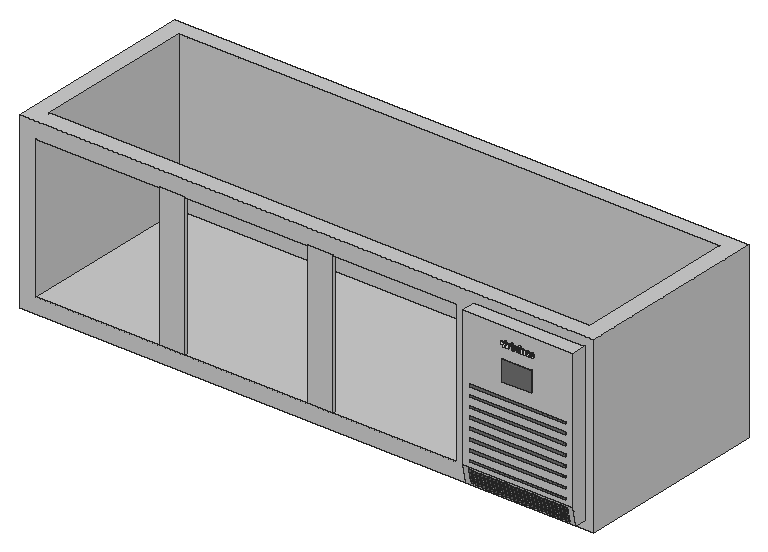
Revit family "QF_INFRICO_MR2190BT_250813023332", category Specialty Equipment, Revit 2021
Family settings
  Round Connector Dimension = Use Diameter
  Part Type = Normal
  OmniClass Number = 23.40.40.14
  OmniClass Title = Food Service Equipment
  Work Plane-Based = No
  Always vertical = Yes
  Cut with Voids When Loaded = No
  Shared = No
  Room Calculation Point = No
Parameters (values of type "MR2190BT")
  Weight [instance] = 203.001 kg
  Waste Water Discharge Temperature [instance] = 0 °C
  Waste Remarks [instance] = ""
  Warranty Start Date [instance] = ""
  Warranty Duration [instance] = ""
  Volts [instance] = 230 V
  Volt Free Conn [instance] = no
  URL Recommended Spares List [instance] = ""
  URL Manufacturer [instance] = ""
  URL Cutsheet [instance] = ""
  URL Critical Spares List [instance] = ""
  URL = "www.infrico.com"
  Technical Documentation [instance] = ""
  Tag Number [instance] = ""
  Status [instance] = ""
  Start Up Current [instance] = 0 A
  Specification by User [instance] = ""
  Specification by Manufacturer [instance] = ""
  Sound Level [instance] = ""
  Show Logo [instance] = yes
  Show Clearances [instance] = yes
  Service Life Duration [instance] = ""
  Serial Number [instance] = ""
  Seismic Rating [instance] = ""
  SMACNA No [instance] = ""
  Revision Code [instance] = ""
  Revision [instance] = ""
  Production Year [instance] = ""
  Potential Equalisation [instance] = no
  Point Load [instance] = 0
  Plumbing Connection Type [instance] = ""
  Phase [instance] = 1
  Other Equipment Approvals [instance] = ""
  Operational Current [instance] = 0 A
  Number of Poles [instance] = 2
  No Load Power Draw [instance] = no
  NAFEM Spec ID Number [instance] = ""
  Model Warning [instance] = ""
  Model = "MR2190BT"
  Min Ckt Ampacity [instance] = 0 A
  Max Overcurrent Protection [instance] = 0 A
  Masterspec [instance] = ""
  Manufacturer = "INFRICO"
  Main switch integrated [instance] = no
  Length Actual [instance] = 2184.908 mm
  Item Number [instance] = ""
  Installed By [instance] = ""
  Installation Date [instance] = ""
  Indirect Waste Size [instance] = 19.05 mm
  Indirect Waste Remarks [instance] = ""
  Indirect Waste Flow [instance] = 0.0 L/s
  Indirect Waste Connection Type [instance] = ""
  Indirect Waste Connection Height [instance] = 0 mm
  Identify Quantity as Lot [instance] = no
  ID [instance] = ""
  Hygiene Approval [instance] = ""
  Height Actual [instance] = 849.884 mm
  HP power [instance] = ""
  Furnished By [instance] = ""
  Foodservice Equipment Identifier [instance] = no
  FL Amps [instance] = 0 A
  Electrical Remarks [instance] = ""
  Electric power [instance] = 690 W
  Electric Connection Type [instance] = ""
  Elec Conn RI Height [instance] = 0 mm
  Elec Conn Connection Height [instance] = 0 mm
  ETL Approved [instance] = no
  Direct Waste Water Discharge Temperature [instance] = -273.15 °C
  Direct Waste Size [instance] = 19.05 mm
  Direct Waste RI Height [instance] = 0 mm
  Direct Waste Flow [instance] = 0.0 L/s
  Direct Waste Connection Height [instance] = 0 mm
  Description = "EURONORM 600X400 PASTRY COUNTER REFRIGERATOR AND FREEZER 800 SERIES - R134A"
  Depth Actual [instance] = 800.1 mm
  Default Elevation = 0 mm
  Cycle [instance] = 50 Hz
  Cost = 0
  Connection to energy optimisation system [instance] = yes
  Conn Plug [instance] = ""
  Conn Conduit [instance] = no
  Centralized building control system with digital interface [instance] = ""
  CSI MasterFormat [instance] = ""
  CE Approved [instance] = no
  Barcode [instance] = 0
  Author [instance] = ""
  Asset Identifier [instance] = ""
  Apparent Power [instance] = 690 VA
  Accessory [instance] = no
Reference planes
  plane 1 "Center (Front/Back)": y = 0
  plane 2: z = 0
  plane 3 "Center (Left/Right)": x = 0
Forms (mm)
  Extrusion 1, solid, not visible
    sketch origin (898.044, -113.006, 2) x (1, 0, 0) y (0, 1, 0)
      loop
        line (-2, 2) -> (-2, -2) -> (2, -2) -> (2, 2) -> (-2, 2)
    from -2 to 2
  Extrusion 2, solid, not visible
    sketch origin (2123.104, -60.003, 2) x (1, 0, 0) y (0, 1, 0)
      loop
        line (-2, 2) -> (-2, -2) -> (2, -2) -> (2, 2) -> (-2, 2)
    from -2 to 2
Dimensions and locks
  locked: nested 2 to Extrusion 1 at 2  (x2)
  locked: nested 3 to Extrusion 2 at 2  (x2)
  aligned and locked: level to plane 2
Nested families
  nested 1: "QF_INFRICO_MR2190_2920" at (0, 0, 0), type "MR2190BT"
    with Weight 203.001 kg, Warranty Start Date "", Warranty Duration "", URL Cutsheet "", Technical Documentation "", Tag Number "", Status "", Specification by User "", Specification by Manufacturer "", Sound Level "", Solid Fuel Type "", Show Logo yes, Show Clearances yes, Show Clearance yes, Service Life Duration "", Serial Number "", Seismic Rating "", SMACNA No "", Revision Code "", Revision "", Production Year "", Point Load 0, Other Equipment Approvals "", NAFEM Spec ID Number "", Model Warning "", Masterspec "", Length Actual 2184.908 mm, Item Number "", Installed By "", Installation Date "", Identify Quantity as Lot yes, ID "", Hygiene Approval "", Height Actual 849.884 mm, Furnished By "", Foodservice Equipment Identifier yes, ETL Approved yes, Depth Actual 800.1 mm, CSI MasterFormat "", CE Approved no, Barcode "", Author "", Asset Identifier "", Accessory no
  nested 2: "CONN_POINT_DRAIN_2D___Generic_Annotation" at (898.044, -113.006, 0), type "CONN_POINT_DRAIN_2D___Generic_Annotation"
    with Onboard connection annotation symbol visibility yes
  nested 3: "CONN_POINT_ELE_2D___Generic_Annotation" at (2123.104, -60.003, 0), type "CONN_POINT_ELE_2D___Generic_Annotation"
    with Onboard connection annotation symbol visibility yes
Connectors
  piping at (898.044, -113.006, 0), diameter 19.05, driven by "Indirect Waste Size", driven by "Direct Waste Flow"
    settings: on Extrusion 1, index 1, connector inside diameter 609.6 mm, connector length 0 mm, flow factor 0, pipe flow 0.0 L/s, pressure drop 0.0 Pa, fitting loss kfactor 0, connector angle 0.00°, fixture units 0, engagement length 0 mm, angle of deflection 0.00°, flow configuration 1, flow direction 2, fitting loss method 0, system type 16, joint type 0, gender type 0, connector reference index -1, connector utility 0, adjustable connector no, is connector primary yes, connector description "Waste connection for MR2190BT"
  electrical at (2123.104, -60.003, 0), driven by "Apparent Power", driven by "Number of Poles", driven by "Volts"
    settings: on Extrusion 2, index 2, voltage 230 V, apparent load 0 VA, apparent load phase1 690 VA, apparent load phase2 0 VA, apparent load phase3 0 VA, power factor 1, load classification "Other", number of poles 2, system type 31, power factor state 1, is connector primary yes, connector utility no, sub classification motor no, connector description "Electrical connection for MR2190BT"
Definition of nested family "QF_INFRICO_MR2190_2920"
  Parameters (values of type "MR2190BT")
    Weight [instance] = 0.00 kg
    Warranty Start Date [instance] = ""
    Warranty Duration [instance] = ""
    URL Cutsheet [instance] = ""
    URL = "www.infrico.com"
    Technical Documentation [instance] = ""
    Tag Number [instance] = ""
    Status [instance] = ""
    Specification by User [instance] = ""
    Specification by Manufacturer [instance] = ""
    Sound Level [instance] = ""
    Solid Fuel Type [instance] = ""
    Show Logo [instance] = yes
    Show Clearances [instance] = yes
    Show Clearance [instance] = yes
    Service Life Duration [instance] = ""
    Serial Number [instance] = ""
    Seismic Rating [instance] = ""
    SMACNA No [instance] = ""
    Revision Code [instance] = ""
    Revision [instance] = ""
    Production Year [instance] = ""
    Point Load [instance] = 0
    Other Equipment Approvals [instance] = ""
    NAFEM Spec ID Number [instance] = ""
    Model Warning [instance] = ""
    Model = "MR2190BT"
    Masterspec [instance] = ""
    Manufacturer = "INFRICO"
    Length Actual [instance] = 0 mm
    Item Number [instance] = ""
    Installed By [instance] = ""
    Installation Date [instance] = ""
    Identify Quantity as Lot [instance] = yes
    ID [instance] = ""
    Hygiene Approval [instance] = ""
    Height Actual [instance] = 0 mm
    Furnished By [instance] = ""
    Foodservice Equipment Identifier [instance] = yes
    ETL Approved [instance] = yes
    Description = "EURONORM 600X400 PASTRY COUNTER REFRIGERATOR AND FREEZER 800 SERIES - R134A"
    Depth Actual [instance] = 0 mm
    Default Elevation = 0 mm
    CSI MasterFormat [instance] = ""
    CE Approved [instance] = yes
    Barcode [instance] = ""
    Author [instance] = ""
    Asset Identifier [instance] = ""
    Assembly Code = "E1090320"
    Accessory [instance] = yes
  Types (4, lengths in mm): name | Model | Description
    MR2190 | "MR2190" | "EURONORM 600X400 PASTRY COUNTER REFRIGERATOR AND FREEZER 800 SERIES - R134A"
    MR2190BT | "MR2190BT" | "EURONORM 600X400 PASTRY COUNTER REFRIGERATOR AND FREEZER 800 SERIES - R134A"
    MR2190CR | "MR2190CR" | "GLASS DOOR EURONORM 600X400 PASTRY COUNTER REFRIGERATOR SERIES - R134A"
    MR2190-R290 | "MR2190" | "EURONORM 600X400 PASTRY COUNTER REFRIGERATOR AND FREEZER 800 SERIES - R290"
  Reference planes
    plane 1 "Back": y = 0
    plane 2: z = 0
    plane 3 "Left": x = 0
    plane 4 "Right": x = 2185
    plane 5 "Front": y = -800
    plane 6 "Top": z = 660
  Forms (mm)
    Extrusion 1, solid
      sketch origin (717, -100, -140) x (0, 1, 0) y (0, 0, 1)
        loop
          line (-638.02, 765.292) -> (-695.03, 765.292) -> (-695.03, 238.436) -> (-678.769, 168) -> (-638.02, 168) -> (-638.02, 765.292)
      from 1013.993 to 1433.993
    Extrusion 2, solid
      sketch origin (-1283, -793.13, -140) x (1, 0, 0) y (0, 0, 1)
        loop
          line (3408.016, 523.949) -> (3040.73, 523.949) -> (3040.73, 514.949) -> (3408.016, 514.949) -> (3408.016, 523.949)
        loop
          line (3408.016, 486.949) -> (3040.73, 486.949) -> (3040.73, 477.949) -> (3408.016, 477.949) -> (3408.016, 486.949)
        loop
          line (3408.016, 449.949) -> (3040.73, 449.949) -> (3040.73, 440.949) -> (3408.016, 440.949) -> (3408.016, 449.949)
        loop
          line (3408.016, 412.949) -> (3040.73, 412.949) -> (3040.73, 403.949) -> (3408.016, 403.949) -> (3408.016, 412.949)
        loop
          line (3408.016, 375.949) -> (3040.73, 375.949) -> (3040.73, 366.949) -> (3408.016, 366.949) -> (3408.016, 375.949)
        loop
          line (3408.016, 338.949) -> (3040.73, 338.949) -> (3040.73, 329.949) -> (3408.016, 329.949) -> (3408.016, 338.949)
        loop
          line (3408.016, 301.949) -> (3040.73, 301.949) -> (3040.73, 292.949) -> (3408.016, 292.949) -> (3408.016, 301.949)
        loop
          line (3408.016, 264.949) -> (3040.73, 264.949) -> (3040.73, 255.949) -> (3408.016, 255.949) -> (3408.016, 264.949)
      from 0 to 2
    Extrusion 3, solid
      sketch origin (-1283, -739.263, -134.673) x (1, 0, 0) y (0, -0.224951, 0.97437)
        loop
          line (3036.73, 215.974) -> (3036.73, 205.974) -> (3046.73, 205.974) -> (3046.73, 215.974) -> (3036.73, 215.974)
        loop
          line (3036.73, 230.769) -> (3036.73, 220.769) -> (3046.73, 220.769) -> (3046.73, 230.769) -> (3036.73, 230.769)
        loop
          line (3036.73, 186.385) -> (3036.73, 176.385) -> (3046.73, 176.385) -> (3046.73, 186.385) -> (3036.73, 186.385)
        loop
          line (3036.73, 201.179) -> (3036.73, 191.179) -> (3046.73, 191.179) -> (3046.73, 201.179) -> (3036.73, 201.179)
        loop
          line (3051.938, 215.974) -> (3051.938, 205.974) -> (3061.938, 205.974) -> (3061.938, 215.974) -> (3051.938, 215.974)
        loop
          line (3051.938, 230.769) -> (3051.938, 220.769) -> (3061.938, 220.769) -> (3061.938, 230.769) -> (3051.938, 230.769)
        loop
          line (3051.938, 186.385) -> (3051.938, 176.385) -> (3061.938, 176.385) -> (3061.938, 186.385) -> (3051.938, 186.385)
        loop
          line (3051.938, 201.179) -> (3051.938, 191.179) -> (3061.938, 191.179) -> (3061.938, 201.179) -> (3051.938, 201.179)
        loop
          line (3067.147, 215.974) -> (3067.147, 205.974) -> (3077.147, 205.974) -> (3077.147, 215.974) -> (3067.147, 215.974)
        loop
          line (3067.147, 230.769) -> (3067.147, 220.769) -> (3077.147, 220.769) -> (3077.147, 230.769) -> (3067.147, 230.769)
        loop
          line (3067.147, 186.385) -> (3067.147, 176.385) -> (3077.147, 176.385) -> (3077.147, 186.385) -> (3067.147, 186.385)
        loop
          line (3067.147, 201.179) -> (3067.147, 191.179) -> (3077.147, 191.179) -> (3077.147, 201.179) -> (3067.147, 201.179)
        loop
          line (3082.355, 215.974) -> (3082.355, 205.974) -> (3092.355, 205.974) -> (3092.355, 215.974) -> (3082.355, 215.974)
        loop
          line (3082.355, 230.769) -> (3082.355, 220.769) -> (3092.355, 220.769) -> (3092.355, 230.769) -> (3082.355, 230.769)
        loop
          line (3082.355, 186.385) -> (3082.355, 176.385) -> (3092.355, 176.385) -> (3092.355, 186.385) -> (3082.355, 186.385)
        loop
          line (3082.355, 201.179) -> (3082.355, 191.179) -> (3092.355, 191.179) -> (3092.355, 201.179) -> (3082.355, 201.179)
        loop
          line (3097.563, 215.974) -> (3097.563, 205.974) -> (3107.563, 205.974) -> (3107.563, 215.974) -> (3097.563, 215.974)
        loop
          line (3097.563, 230.769) -> (3097.563, 220.769) -> (3107.563, 220.769) -> (3107.563, 230.769) -> (3097.563, 230.769)
        loop
          line (3097.563, 186.385) -> (3097.563, 176.385) -> (3107.563, 176.385) -> (3107.563, 186.385) -> (3097.563, 186.385)
        loop
          line (3097.563, 201.179) -> (3097.563, 191.179) -> (3107.563, 191.179) -> (3107.563, 201.179) -> (3097.563, 201.179)
        loop
          line (3112.772, 215.974) -> (3112.772, 205.974) -> (3122.772, 205.974) -> (3122.772, 215.974) -> (3112.772, 215.974)
        loop
          line (3112.772, 230.769) -> (3112.772, 220.769) -> (3122.772, 220.769) -> (3122.772, 230.769) -> (3112.772, 230.769)
        loop
          line (3112.772, 186.385) -> (3112.772, 176.385) -> (3122.772, 176.385) -> (3122.772, 186.385) -> (3112.772, 186.385)
        loop
          line (3112.772, 201.179) -> (3112.772, 191.179) -> (3122.772, 191.179) -> (3122.772, 201.179) -> (3112.772, 201.179)
        loop
          line (3127.98, 215.974) -> (3127.98, 205.974) -> (3137.98, 205.974) -> (3137.98, 215.974) -> (3127.98, 215.974)
        loop
          line (3127.98, 230.769) -> (3127.98, 220.769) -> (3137.98, 220.769) -> (3137.98, 230.769) -> (3127.98, 230.769)
        loop
          line (3127.98, 186.385) -> (3127.98, 176.385) -> (3137.98, 176.385) -> (3137.98, 186.385) -> (3127.98, 186.385)
        loop
          line (3127.98, 201.179) -> (3127.98, 191.179) -> (3137.98, 191.179) -> (3137.98, 201.179) -> (3127.98, 201.179)
        loop
          line (3143.188, 215.974) -> (3143.188, 205.974) -> (3153.188, 205.974) -> (3153.188, 215.974) -> (3143.188, 215.974)
        loop
          line (3143.188, 230.769) -> (3143.188, 220.769) -> (3153.188, 220.769) -> (3153.188, 230.769) -> (3143.188, 230.769)
        loop
          line (3143.188, 186.385) -> (3143.188, 176.385) -> (3153.188, 176.385) -> (3153.188, 186.385) -> (3143.188, 186.385)
        loop
          line (3143.188, 201.179) -> (3143.188, 191.179) -> (3153.188, 191.179) -> (3153.188, 201.179) -> (3143.188, 201.179)
        loop
          line (3158.397, 215.974) -> (3158.397, 205.974) -> (3168.397, 205.974) -> (3168.397, 215.974) -> (3158.397, 215.974)
        loop
          line (3158.397, 230.769) -> (3158.397, 220.769) -> (3168.397, 220.769) -> (3168.397, 230.769) -> (3158.397, 230.769)
        loop
          line (3158.397, 186.385) -> (3158.397, 176.385) -> (3168.397, 176.385) -> (3168.397, 186.385) -> (3158.397, 186.385)
        loop
          line (3158.397, 201.179) -> (3158.397, 191.179) -> (3168.397, 191.179) -> (3168.397, 201.179) -> (3158.397, 201.179)
        loop
          line (3173.605, 215.974) -> (3173.605, 205.974) -> (3183.605, 205.974) -> (3183.605, 215.974) -> (3173.605, 215.974)
        loop
          line (3173.605, 230.769) -> (3173.605, 220.769) -> (3183.605, 220.769) -> (3183.605, 230.769) -> (3173.605, 230.769)
        loop
          line (3173.605, 186.385) -> (3173.605, 176.385) -> (3183.605, 176.385) -> (3183.605, 186.385) -> (3173.605, 186.385)
        loop
          line (3173.605, 201.179) -> (3173.605, 191.179) -> (3183.605, 191.179) -> (3183.605, 201.179) -> (3173.605, 201.179)
        loop
          line (3188.813, 215.974) -> (3188.813, 205.974) -> (3198.813, 205.974) -> (3198.813, 215.974) -> (3188.813, 215.974)
        loop
          line (3188.813, 230.769) -> (3188.813, 220.769) -> (3198.813, 220.769) -> (3198.813, 230.769) -> (3188.813, 230.769)
        loop
          line (3188.813, 186.385) -> (3188.813, 176.385) -> (3198.813, 176.385) -> (3198.813, 186.385) -> (3188.813, 186.385)
        loop
          line (3188.813, 201.179) -> (3188.813, 191.179) -> (3198.813, 191.179) -> (3198.813, 201.179) -> (3188.813, 201.179)
        loop
          line (3204.022, 215.974) -> (3204.022, 205.974) -> (3214.022, 205.974) -> (3214.022, 215.974) -> (3204.022, 215.974)
        loop
          line (3204.022, 230.769) -> (3204.022, 220.769) -> (3214.022, 220.769) -> (3214.022, 230.769) -> (3204.022, 230.769)
        loop
          line (3204.022, 186.385) -> (3204.022, 176.385) -> (3214.022, 176.385) -> (3214.022, 186.385) -> (3204.022, 186.385)
        loop
          line (3204.022, 201.179) -> (3204.022, 191.179) -> (3214.022, 191.179) -> (3214.022, 201.179) -> (3204.022, 201.179)
        loop
          line (3219.23, 215.974) -> (3219.23, 205.974) -> (3229.23, 205.974) -> (3229.23, 215.974) -> (3219.23, 215.974)
        loop
          line (3219.23, 230.769) -> (3219.23, 220.769) -> (3229.23, 220.769) -> (3229.23, 230.769) -> (3219.23, 230.769)
        loop
          line (3219.23, 186.385) -> (3219.23, 176.385) -> (3229.23, 176.385) -> (3229.23, 186.385) -> (3219.23, 186.385)
        loop
          line (3219.23, 201.179) -> (3219.23, 191.179) -> (3229.23, 191.179) -> (3229.23, 201.179) -> (3219.23, 201.179)
        loop
          line (3234.438, 215.974) -> (3234.438, 205.974) -> (3244.438, 205.974) -> (3244.438, 215.974) -> (3234.438, 215.974)
        loop
          line (3234.438, 230.769) -> (3234.438, 220.769) -> (3244.438, 220.769) -> (3244.438, 230.769) -> (3234.438, 230.769)
        loop
          line (3234.438, 186.385) -> (3234.438, 176.385) -> (3244.438, 176.385) -> (3244.438, 186.385) -> (3234.438, 186.385)
        loop
          line (3234.438, 201.179) -> (3234.438, 191.179) -> (3244.438, 191.179) -> (3244.438, 201.179) -> (3234.438, 201.179)
        loop
          line (3249.647, 215.974) -> (3249.647, 205.974) -> (3259.647, 205.974) -> (3259.647, 215.974) -> (3249.647, 215.974)
        loop
          line (3249.647, 230.769) -> (3249.647, 220.769) -> (3259.647, 220.769) -> (3259.647, 230.769) -> (3249.647, 230.769)
        loop
          line (3249.647, 186.385) -> (3249.647, 176.385) -> (3259.647, 176.385) -> (3259.647, 186.385) -> (3249.647, 186.385)
        loop
          line (3249.647, 201.179) -> (3249.647, 191.179) -> (3259.647, 191.179) -> (3259.647, 201.179) -> (3249.647, 201.179)
        loop
          line (3264.855, 215.974) -> (3264.855, 205.974) -> (3274.855, 205.974) -> (3274.855, 215.974) -> (3264.855, 215.974)
        loop
          line (3264.855, 230.769) -> (3264.855, 220.769) -> (3274.855, 220.769) -> (3274.855, 230.769) -> (3264.855, 230.769)
        loop
          line (3264.855, 186.385) -> (3264.855, 176.385) -> (3274.855, 176.385) -> (3274.855, 186.385) -> (3264.855, 186.385)
        loop
          line (3264.855, 201.179) -> (3264.855, 191.179) -> (3274.855, 191.179) -> (3274.855, 201.179) -> (3264.855, 201.179)
        loop
          line (3280.063, 215.974) -> (3280.063, 205.974) -> (3290.063, 205.974) -> (3290.063, 215.974) -> (3280.063, 215.974)
        loop
          line (3280.063, 230.769) -> (3280.063, 220.769) -> (3290.063, 220.769) -> (3290.063, 230.769) -> (3280.063, 230.769)
        loop
          line (3280.063, 186.385) -> (3280.063, 176.385) -> (3290.063, 176.385) -> (3290.063, 186.385) -> (3280.063, 186.385)
        loop
          line (3280.063, 201.179) -> (3280.063, 191.179) -> (3290.063, 191.179) -> (3290.063, 201.179) -> (3280.063, 201.179)
        loop
          line (3295.272, 215.974) -> (3295.272, 205.974) -> (3305.272, 205.974) -> (3305.272, 215.974) -> (3295.272, 215.974)
        loop
          line (3295.272, 230.769) -> (3295.272, 220.769) -> (3305.272, 220.769) -> (3305.272, 230.769) -> (3295.272, 230.769)
        loop
          line (3295.272, 186.385) -> (3295.272, 176.385) -> (3305.272, 176.385) -> (3305.272, 186.385) -> (3295.272, 186.385)
        loop
          line (3295.272, 201.179) -> (3295.272, 191.179) -> (3305.272, 191.179) -> (3305.272, 201.179) -> (3295.272, 201.179)
        loop
          line (3310.48, 215.974) -> (3310.48, 205.974) -> (3320.48, 205.974) -> (3320.48, 215.974) -> (3310.48, 215.974)
        loop
          line (3310.48, 230.769) -> (3310.48, 220.769) -> (3320.48, 220.769) -> (3320.48, 230.769) -> (3310.48, 230.769)
        loop
          line (3310.48, 186.385) -> (3310.48, 176.385) -> (3320.48, 176.385) -> (3320.48, 186.385) -> (3310.48, 186.385)
        loop
          line (3310.48, 201.179) -> (3310.48, 191.179) -> (3320.48, 191.179) -> (3320.48, 201.179) -> (3310.48, 201.179)
        loop
          line (3325.688, 215.974) -> (3325.688, 205.974) -> (3335.688, 205.974) -> (3335.688, 215.974) -> (3325.688, 215.974)
        loop
          line (3325.688, 230.769) -> (3325.688, 220.769) -> (3335.688, 220.769) -> (3335.688, 230.769) -> (3325.688, 230.769)
        loop
          line (3325.688, 186.385) -> (3325.688, 176.385) -> (3335.688, 176.385) -> (3335.688, 186.385) -> (3325.688, 186.385)
        loop
          line (3325.688, 201.179) -> (3325.688, 191.179) -> (3335.688, 191.179) -> (3335.688, 201.179) -> (3325.688, 201.179)
        loop
          line (3340.897, 215.974) -> (3340.897, 205.974) -> (3350.897, 205.974) -> (3350.897, 215.974) -> (3340.897, 215.974)
        loop
          line (3340.897, 230.769) -> (3340.897, 220.769) -> (3350.897, 220.769) -> (3350.897, 230.769) -> (3340.897, 230.769)
        loop
          line (3340.897, 186.385) -> (3340.897, 176.385) -> (3350.897, 176.385) -> (3350.897, 186.385) -> (3340.897, 186.385)
        loop
          line (3340.897, 201.179) -> (3340.897, 191.179) -> (3350.897, 191.179) -> (3350.897, 201.179) -> (3340.897, 201.179)
        loop
          line (3356.105, 215.974) -> (3356.105, 205.974) -> (3366.105, 205.974) -> (3366.105, 215.974) -> (3356.105, 215.974)
        loop
          line (3356.105, 230.769) -> (3356.105, 220.769) -> (3366.105, 220.769) -> (3366.105, 230.769) -> (3356.105, 230.769)
        loop
          line (3356.105, 186.385) -> (3356.105, 176.385) -> (3366.105, 176.385) -> (3366.105, 186.385) -> (3356.105, 186.385)
        loop
          line (3356.105, 201.179) -> (3356.105, 191.179) -> (3366.105, 191.179) -> (3366.105, 201.179) -> (3356.105, 201.179)
        loop
          line (3371.313, 215.974) -> (3371.313, 205.974) -> (3381.313, 205.974) -> (3381.313, 215.974) -> (3371.313, 215.974)
        loop
          line (3371.313, 230.769) -> (3371.313, 220.769) -> (3381.313, 220.769) -> (3381.313, 230.769) -> (3371.313, 230.769)
        loop
          line (3371.313, 186.385) -> (3371.313, 176.385) -> (3381.313, 176.385) -> (3381.313, 186.385) -> (3371.313, 186.385)
        loop
          line (3371.313, 201.179) -> (3371.313, 191.179) -> (3381.313, 191.179) -> (3381.313, 201.179) -> (3371.313, 201.179)
        loop
          line (3386.522, 215.974) -> (3386.522, 205.974) -> (3396.522, 205.974) -> (3396.522, 215.974) -> (3386.522, 215.974)
        loop
          line (3386.522, 230.769) -> (3386.522, 220.769) -> (3396.522, 220.769) -> (3396.522, 230.769) -> (3386.522, 230.769)
        loop
          line (3386.522, 186.385) -> (3386.522, 176.385) -> (3396.522, 176.385) -> (3396.522, 186.385) -> (3386.522, 186.385)
        loop
          line (3386.522, 201.179) -> (3386.522, 191.179) -> (3396.522, 191.179) -> (3396.522, 201.179) -> (3386.522, 201.179)
        loop
          line (3401.73, 215.974) -> (3401.73, 205.974) -> (3411.73, 205.974) -> (3411.73, 215.974) -> (3401.73, 215.974)
        loop
          line (3401.73, 230.769) -> (3401.73, 220.769) -> (3411.73, 220.769) -> (3411.73, 230.769) -> (3401.73, 230.769)
        loop
          line (3401.73, 186.385) -> (3401.73, 176.385) -> (3411.73, 176.385) -> (3411.73, 186.385) -> (3401.73, 186.385)
        loop
          line (3401.73, 201.179) -> (3401.73, 191.179) -> (3411.73, 191.179) -> (3411.73, 201.179) -> (3401.73, 201.179)
      from 0 to 2
    Extrusion 4, solid, visible <- "Show Logo"
      sketch origin (716.014, -793.13, -140) x (1, 0, 0) y (0, 0, 1)
        loop
          line (1208.799, 696.53) -> (1208.799, 719.204) -> (1204.173, 719.204) -> (1204.173, 696.53) -> (1208.799, 696.53)
        loop
          line (1214.779, 713.006) -> (1211.283, 713.006) -> (1211.283, 696.53) -> (1215.772, 696.53) -> (1215.772, 707.832)
          arc (1215.772, 707.832) -> (1217.528, 708.741) -> (1219.417, 709.324) r 11.052
          arc (1219.417, 709.324) -> (1220.929, 708.961) -> (1221.598, 707.557) r 1.806
          line (1221.598, 707.557) -> (1221.598, 696.53) -> (1226.121, 696.53) -> (1226.121, 708.689)
          arc (1226.121, 708.689) -> (1224.637, 712.075) -> (1221.141, 713.281) r 4.607
          arc (1221.141, 713.281) -> (1218.282, 712.674) -> (1215.669, 711.361) r 11.435
          line (1215.669, 711.361) -> (1215.601, 712.184)
          arc (1215.601, 712.184) -> (1215.36, 712.765) -> (1214.779, 713.006) r 0.822
        loop
          line (1238.557, 720.102) -> (1237.306, 720.102)
          arc (1237.306, 720.102) -> (1235.052, 719.926) -> (1232.881, 719.297) r 11.103
          arc (1232.881, 719.297) -> (1230.805, 717.616) -> (1230.024, 715.062) r 4.567
          line (1230.024, 715.062) -> (1230.024, 712.909) -> (1227.351, 712.703) -> (1227.351, 709.374) -> (1230.024, 709.374) -> (1230.024, 696.53) -> (1234.547, 696.53) -> (1234.547, 709.374) -> (1238.249, 709.374) -> (1238.249, 712.938) -> (1234.547, 712.938) -> (1234.547, 714.548)
          arc (1234.547, 714.548) -> (1234.956, 715.705) -> (1236.045, 716.271) r 1.67
          line (1236.045, 716.271) -> (1237.7, 716.399)
          arc (1237.7, 716.399) -> (1238.306, 716.65) -> (1238.557, 717.255) r 0.857
          line (1238.557, 717.255) -> (1238.557, 720.102)
        loop
          line (1239.479, 713.006) -> (1239.479, 696.53) -> (1243.968, 696.53) -> (1243.968, 707.352)
          arc (1243.968, 707.352) -> (1245.873, 708.631) -> (1248.077, 709.268) r 7.435
          line (1248.077, 709.268) -> (1249.241, 709.416)
          arc (1249.241, 709.416) -> (1249.643, 709.758) -> (1249.793, 710.265) r 0.928
          line (1249.793, 710.265) -> (1249.793, 712.458)
          arc (1249.793, 712.458) -> (1249.531, 713.061) -> (1248.912, 713.28) r 0.824
          arc (1248.912, 713.28) -> (1246.197, 712.588) -> (1243.899, 710.984) r 7.833
          line (1243.899, 710.984) -> (1243.726, 713.006) -> (1239.479, 713.006)
        loop
          line (1255.495, 696.53) -> (1255.495, 713.006) -> (1251.006, 713.006) -> (1251.006, 696.53) -> (1255.495, 696.53)
        loop
          arc (1257.421, 701.327) -> (1258.567, 698.188) -> (1261.466, 696.525) r 4.873
          arc (1261.466, 696.525) -> (1264.493, 696.266) -> (1267.521, 696.525) r 17.816
          arc (1267.521, 696.525) -> (1270.575, 699.134) -> (1271.505, 703.041) r 6.481
          line (1271.505, 703.041) -> (1267.187, 703.041) -> (1267.187, 701.67)
          arc (1267.187, 701.67) -> (1266.64, 700.452) -> (1265.442, 699.865) r 1.965
          arc (1265.442, 699.865) -> (1264.547, 699.816) -> (1263.653, 699.865) r 8.196
          arc (1263.653, 699.865) -> (1262.417, 700.415) -> (1261.91, 701.67) r 1.806
          line (1261.91, 701.67) -> (1261.91, 707.9)
          arc (1261.91, 707.9) -> (1262.417, 709.155) -> (1263.653, 709.705) r 1.806
          arc (1263.653, 709.705) -> (1264.547, 709.754) -> (1265.442, 709.705) r 8.196
          arc (1265.442, 709.705) -> (1266.64, 709.118) -> (1267.187, 707.9) r 1.965
          line (1267.187, 707.9) -> (1267.187, 706.838) -> (1271.505, 706.838)
          arc (1271.505, 706.838) -> (1270.524, 710.556) -> (1267.521, 712.959) r 6.132
          arc (1267.521, 712.959) -> (1264.493, 713.294) -> (1261.466, 712.959) r 13.851
          arc (1261.466, 712.959) -> (1258.571, 711.349) -> (1257.421, 708.243) r 4.772
          line (1257.421, 708.243) -> (1257.421, 701.327)
        loop
          arc (1272.916, 701.329) -> (1273.993, 698.345) -> (1276.726, 696.734) r 4.676
          arc (1276.726, 696.734) -> (1278.515, 696.455) -> (1280.318, 696.291) r 28.371
          arc (1280.318, 696.291) -> (1282.122, 696.455) -> (1283.911, 696.734) r 28.371
          arc (1283.911, 696.734) -> (1286.644, 698.345) -> (1287.72, 701.329) r 4.676
          line (1287.72, 701.329) -> (1287.72, 708.242)
          arc (1287.72, 708.242) -> (1286.644, 711.226) -> (1283.911, 712.837) r 4.676
          arc (1283.911, 712.837) -> (1282.122, 713.116) -> (1280.318, 713.28) r 28.371
          arc (1280.318, 713.28) -> (1278.515, 713.116) -> (1276.726, 712.837) r 28.371
          arc (1276.726, 712.837) -> (1273.993, 711.226) -> (1272.916, 708.242) r 4.676
          line (1272.916, 708.242) -> (1272.916, 701.329)
        loop
          line (1277.405, 707.866) -> (1277.405, 701.705)
          arc (1277.405, 701.705) -> (1277.844, 700.556) -> (1278.936, 699.991) r 1.725
          arc (1278.936, 699.991) -> (1279.627, 699.918) -> (1280.318, 699.856) r 46.133
          arc (1280.318, 699.856) -> (1281.01, 699.918) -> (1281.701, 699.991) r 46.133
          arc (1281.701, 699.991) -> (1282.793, 700.556) -> (1283.231, 701.705) r 1.725
          line (1283.231, 701.705) -> (1283.231, 707.866)
          arc (1283.231, 707.866) -> (1282.793, 709.015) -> (1281.701, 709.58) r 1.725
          arc (1281.701, 709.58) -> (1281.01, 709.653) -> (1280.318, 709.716) r 46.133
          arc (1280.318, 709.716) -> (1279.627, 709.653) -> (1278.936, 709.58) r 46.133
          arc (1278.936, 709.58) -> (1277.844, 709.015) -> (1277.405, 707.866) r 1.725
        loop
          arc (1190.339, 696.543) -> (1191.411, 696.987) -> (1191.856, 698.059) r 1.516
          line (1191.856, 698.059) -> (1191.856, 703.891) -> (1196.035, 703.891)
          arc (1196.035, 703.891) -> (1196.79, 704.121) -> (1197.218, 704.782) r 1.147
          line (1197.218, 704.782) -> (1197.218, 706.211)
          arc (1197.218, 706.211) -> (1196.787, 707.258) -> (1195.719, 707.634) r 1.385
          line (1195.719, 707.634) -> (1194.52, 707.634) -> (1197.218, 710.332)
          arc (1197.218, 710.332) -> (1197.605, 711.266) -> (1197.218, 712.2) r 1.321
          line (1197.218, 712.2) -> (1196.495, 712.923)
          arc (1196.495, 712.923) -> (1195.54, 713.338) -> (1194.558, 712.991) r 1.422
          line (1194.558, 712.991) -> (1191.853, 710.286) -> (1191.853, 711.479)
          arc (1191.853, 711.479) -> (1191.443, 712.516) -> (1190.435, 712.992) r 1.516
          line (1190.435, 712.992) -> (1189.514, 712.992)
          arc (1189.514, 712.992) -> (1188.511, 712.514) -> (1188.103, 711.479) r 1.516
          line (1188.103, 711.479) -> (1188.103, 706.83) -> (1182.073, 701.336) -> (1182.073, 707.509) -> (1185.639, 711.075)
          arc (1185.639, 711.075) -> (1186.053, 712.073) -> (1185.639, 713.071) r 1.412
          line (1185.639, 713.071) -> (1184.987, 713.723)
          arc (1184.987, 713.723) -> (1183.939, 714.141) -> (1182.915, 713.667) r 1.428
          line (1182.915, 713.667) -> (1182.073, 712.825) -> (1182.073, 717.784)
          arc (1182.073, 717.784) -> (1181.658, 718.787) -> (1180.655, 719.203) r 1.418
          line (1180.655, 719.203) -> (1179.726, 719.203)
          arc (1179.726, 719.203) -> (1178.723, 718.787) -> (1178.308, 717.784) r 1.418
          line (1178.308, 717.784) -> (1178.308, 712.825) -> (1177.466, 713.667)
          arc (1177.466, 713.667) -> (1176.442, 714.141) -> (1175.394, 713.723) r 1.428
          line (1175.394, 713.723) -> (1174.742, 713.071)
          arc (1174.742, 713.071) -> (1174.328, 712.073) -> (1174.742, 711.075) r 1.412
          line (1174.742, 711.075) -> (1178.308, 707.509) -> (1178.308, 701.336) -> (1172.278, 706.83) -> (1172.278, 711.479)
          arc (1172.278, 711.479) -> (1171.87, 712.514) -> (1170.867, 712.992) r 1.516
          line (1170.867, 712.992) -> (1169.946, 712.992)
          arc (1169.946, 712.992) -> (1168.938, 712.516) -> (1168.528, 711.479) r 1.516
          line (1168.528, 711.479) -> (1168.528, 710.286) -> (1165.823, 712.991)
          arc (1165.823, 712.991) -> (1164.841, 713.338) -> (1163.886, 712.923) r 1.422
          line (1163.886, 712.923) -> (1163.163, 712.2)
          arc (1163.163, 712.2) -> (1162.776, 711.266) -> (1163.163, 710.332) r 1.321
          line (1163.163, 710.332) -> (1165.861, 707.634) -> (1164.662, 707.634)
          arc (1164.662, 707.634) -> (1163.594, 707.258) -> (1163.163, 706.211) r 1.385
          line (1163.163, 706.211) -> (1163.163, 704.782)
          arc (1163.163, 704.782) -> (1163.591, 704.121) -> (1164.346, 703.891) r 1.147
          line (1164.346, 703.891) -> (1168.525, 703.891) -> (1168.525, 698.059)
          arc (1168.525, 698.059) -> (1168.969, 696.987) -> (1170.042, 696.543) r 1.516
          line (1170.042, 696.543) -> (1190.339, 696.543)
      from 0 to 2
    Extrusion 5, solid
      sketch origin (716.014, -100, -140) x (1, 0, 0) y (0, 0, 1)
        loop
          line (1169.616, 654.3) -> (1169.616, 577.9) -> (1281.216, 577.9) -> (1281.216, 654.3) -> (1169.616, 654.3)
      from 695.03 to 698.23
    Extrusion 6, solid
      sketch origin (1583.5, 58.5, 0) x (1, 0, 0) y (0, 1, 0)
        loop
          circle (539.5, -118.5) r 12.7
      from -5 to 0
    Extrusion 7, solid
      sketch origin (0, 0, 0) x (1, 0, 0) y (0, 1, 0)
        loop
          circle (898, -113) r 9.525
      from -5 to 0
    Extrusion 8, solid
      sketch origin (0, -100, 0) x (1, 0, 0) y (0, 1, 0)
        loop
          line (0, -638.02) -> (2185, -638.02) -> (2185, 100) -> (0, 100) -> (0, -638.02)
        loop
          line (60, 40) -> (60, -578.02) -> (2125, -578.02) -> (2125, 40) -> (60, 40)
      from 0 to 660
    Extrusion 9, solid
      sketch origin (0, -100, 0) x (1, 0, 0) y (0, 0, 1)
        loop
          line (60, 0) -> (2150.993, 0) -> (2150.993, 60) -> (60, 60) -> (60, 0)
      from -40 to 578.02
    Extrusion 10, void
      sketch origin (0, -100, 0) x (1, 0, 0) y (0, 0, 1)
        loop
          line (60, 600) -> (60, 60) -> (1662.993, 60) -> (1662.993, 600) -> (60, 600)
      from -40 to 638.02
    Extrusion 11, solid
      sketch origin (77, -100, 0) x (1, 0, 0) y (0, 1, 0)
        loop
          line (454, -638.02) -> (549, -638.02) -> (549, -628.02) -> (454, -628.02) -> (454, -638.02)
      from 60 to 600
    Extrusion 12, solid
      sketch origin (643, -100, 0) x (1, 0, 0) y (0, 1, 0)
        loop
          line (454, -638.02) -> (549, -638.02) -> (549, -628.02) -> (454, -628.02) -> (454, -638.02)
      from 60 to 600
  Cuts and joins
    Extrusion 10 cuts Extrusion 8
    Extrusion 10 cuts Extrusion 9
    joined: Extrusion 8, Extrusion 9
  Lines and regions (mm)
    symbolic lines, visible <- "Show Clearance"
      curve 1: line (2185, 0, 0) -> (0, 0, 0)
      curve 2: line (0, 0, 0) -> (0, -800, 0)
      curve 3: line (0, -800, 0) -> (2185, -800, 0)
      curve 4: line (2185, -800, 0) -> (2185, 0, 0)
  Dimensions and locks
    plane 4 "Right" to plane 3 "Left" = 2185 mm
    plane 6 "Top" to level = 660 mm
    plane 1 "Back" to plane 5 "Front" = 800 mm  (x2)
    plane 3 "Left" to plane 4 "Right" = 2185 mm
    aligned and locked: plane 2 to level
  Connectors
    electrical at (2123, -60, -5)
      settings: on Extrusion 6, index 1, voltage 0 V, apparent load 0 VA, apparent load phase1 0 VA, apparent load phase2 0 VA, apparent load phase3 0 VA, power factor 1, load classification none, number of poles 1, system type 31, power factor state 1, is connector primary yes, connector utility no, sub classification motor no, connector description "Electrical collection"
    piping at (898, -113, -5), diameter 19.1
      settings: on Extrusion 7, index 2, connector inside diameter 609.6 mm, connector length 0 mm, flow factor 0, pipe flow 0.0 L/s, pressure drop 0.0 Pa, fitting loss kfactor 0, connector angle 0.00°, fixture units 0, engagement length 0 mm, angle of deflection 0.00°, flow configuration 1, flow direction 2, fitting loss method 0, system type 16, joint type 0, gender type 0, connector reference index -1, connector utility 0, adjustable connector no, is connector primary yes, connector description "Drain connection"
Definition of nested family "CONN_POINT_DRAIN_2D___Generic_Annotation"
  Parameters (values of type "CONN_POINT_DRAIN_2D___Generic_Annotation")
    Onboard connection annotation symbol visibility [instance] = yes
  Reference planes
    plane 1: y = 0
    plane 2: x = 0
  Lines and regions (mm)
    detail lines, visible <- "Onboard connection annotation symbol visibility"
      curve 1: circle (0, 0, 0) r 0.5 normal (0, 0, 1)
      curve 2: line (-1, 0, 0) -> (1, 0, 0)
      curve 3: line (0, 1, 0) -> (0, -1, 0)
      curve 4: line (1.776, 1, 0) -> (1.25, 1, 0)
      curve 5: line (1.25, 1, 0) -> (1.25, -1, 0)
      curve 6: line (1.25, -1, 0) -> (1.776, -1, 0)
      curve 7: arc (2.206, -0.862, 0) -> (2.459, -0.589, 0) -> (2.583, -0.238, 0) r 0.918
      curve 8: arc (2.583, 0.238, 0) -> (2.459, 0.589, 0) -> (2.206, 0.862, 0) r 0.918
      curve 9: arc (2.583, -0.238, 0) -> (2.599, 0, 0) -> (2.583, 0.238, 0) r 1.77
      curve 10: arc (2.206, 0.862, 0) -> (2.002, 0.965, 0) -> (1.776, 1, 0) r 0.741
      curve 11: arc (1.776, -1, 0) -> (2.002, -0.965, 0) -> (2.206, -0.862, 0) r 0.741
Definition of nested family "CONN_POINT_ELE_2D___Generic_Annotation"
  Parameters (values of type "CONN_POINT_ELE_2D___Generic_Annotation")
    Onboard connection annotation symbol visibility [instance] = yes
  Reference planes
    plane 1: y = 0
    plane 2: x = 0
  Lines and regions (mm)
    detail lines, visible <- "Onboard connection annotation symbol visibility"
      curve 1: circle (0, 0, 0) r 0.5 normal (0, 0, 1)
      curve 2: line (-1, 0, 0) -> (1, 0, 0)
      curve 3: line (0, 1, 0) -> (0, -1, 0)
      curve 4: line (2.5, 1, 0) -> (1.25, 1, 0)
      curve 5: line (1.25, 1, 0) -> (1.25, -1, 0)
      curve 6: line (1.25, -1, 0) -> (2.5, -1, 0)
      curve 7: line (1.25, 0, 0) -> (2, 0, 0)
